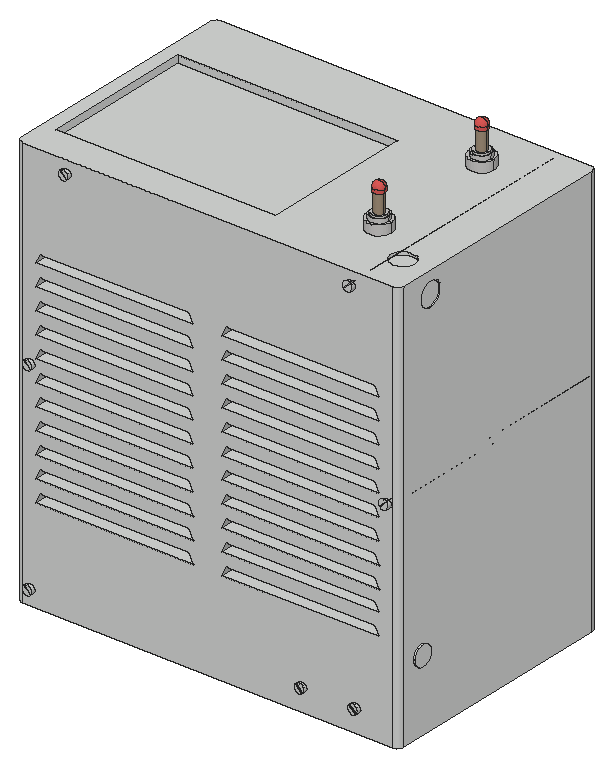
Revit family "Remote_Chiller-Murdock-A9100080-A_Series", category Mechanical Equipment, host Face, Revit 2021
Family settings
  Host = Face
  Round Connector Dimension = Use Diameter
  Part Type = Normal
  OmniClass Number = 23.65.35.11.11
  OmniClass Title = Storage Water Heaters
  Cut with Voids When Loaded = No
  Shared = Yes
  Room Calculation Point = No
Parameters (values of type "A9100080-A")
  cUPC Compliant = yes
  Width = 10 1/8"  # constant formula
  Voltage = 115 V  # constant formula
  URL = "https://www.murdockmfg.com/"
  Shipping Weight = 43 lbf
  Rated Watts = "390"  # constant formula
  Product Page URL = "https://www.murdockmfg.com/8-gph-remote-water-chiller"
  Product Documentation Link = "https://www.murdockmfg.com/uploads/fileLibrary/A910.8A.pdf?v=638902171661001586"
  Power = "120V (Standard U.S. electrical)"
  Model = "A9100080-A"
  Material = "Steel-Murdock-Galvanized"  # constant formula
  Manufacturer = "Murdock Mfg."  # constant formula
  Length = 15 5/8"  # constant formula
  Height = 19"  # constant formula
  Full Load Amps = 4.6 VA  # constant formula
  Finish = Steel-Murdock-Galvanized
  Description = "8 GPH Remote Chiller for Refrigerated Drinking Fountains"  # constant formula
  Default Elevation = 0"
  Connection Length = 1 3/4"  # constant formula
  Compliance Certifications = "ANSI/ASHRAE 18, IAPMO tested to NSF/ANSI 61, Section 9, UL Listed (US and Canada), Lead-Free Federal Law 111-380, CE complaint for 220 V electrical"  # constant formula
  Cold Water Connection Diameter = 3/8"  # constant formula
  Chiller Option = "8.0 GPH"  # constant formula
  Assembly Code = "D3030100"
  ADA Compliant = yes
  -SRC Shelf for remote chiller = no
  -LG1Accessory Louvered Grille = no
  -220V 220 volt / 50Hz compressor = no
  -LG Louvered grille - Granite Powder Coated = no
Types (3): name | Power | Model
  (no name) | "120V (Standard U.S. electrical)" | "A9100080-A"
  A9100080-A | "120V (Standard U.S. electrical)" | "A9100080-A"
  A9100080-220V-A | "220 volt / 50Hz compressor" | "A9100080-220V-A"
Reference planes (in)
  plane 1 "Center (Front/Back)": y = -1.5625
  plane 2: z = 0
  plane 3 "Center (Left/Right)": x = 0
  plane 4: y = 3.5
  plane 5: y = -6.625
  plane 6: z = 3.375
  plane 7: z = 17.25
  plane 8: z = 19
  plane 9: y = 5.0625
  plane 10: y = -5.0625
  plane 11: x = -7.8125
  plane 12: x = 7.8125
  plane 13: x = 4.8125
  plane 14: y = 2.9375
  plane 15: y = -2.3125
  plane 16: y = -3.4375
  plane 17: x = 6.6875
  plane 18: y = -5.1875
  plane 19: y = 5.1875
  plane 20: z = 16.375
Forms (in)
  Extrusion 1, solid, material "Steel-Murdock-Galvanized"
    sketch origin (7.125, -179.9375, 11) x (0, -1, 0) y (1, 0, 0)
      loop
        arc (-185, -14.6875) -> (-184.92678, -14.86428) -> (-184.75, -14.9375) r 0.25
        line (-184.75, -14.9375) -> (-175.125, -14.9375)
        arc (-175.125, -14.9375) -> (-174.94822, -14.86428) -> (-174.875, -14.6875) r 0.25
        line (-174.875, -14.6875) -> (-174.875, 0.4375)
        arc (-174.875, 0.4375) -> (-174.94822, 0.61428) -> (-175.125, 0.6875) r 0.25
        line (-175.125, 0.6875) -> (-184.75, 0.6875)
        arc (-184.75, 0.6875) -> (-184.92678, 0.61428) -> (-185, 0.4375) r 0.25
        line (-185, 0.4375) -> (-185, -14.6875)
    from -10.62447 to 6.25
  Extrusion 2, solid, material "Steel-Murdock-Galvanized"
    sketch origin (1.5, -18.6875, 13.625) x (-1, 0, 0) y (0, 0, -1)
      loop
        arc (7.45255, -3.23509) -> (7.449, -2.96966) -> (7.18411, -2.95249) r 0.19549
        line (7.18411, -2.95249) -> (7.45255, -3.23509)
      loop
        line (7.42669, -3.25709) -> (7.15479, -2.98521)
        arc (7.15479, -2.98521) -> (7.17589, -3.23601) -> (7.42669, -3.25709) r 0.19499
      loop
        arc (8.934, 4.24977) -> (8.93045, 4.5152) -> (8.66555, 4.53237) r 0.19549
        line (8.66555, 4.53237) -> (8.934, 4.24977)
      loop
        line (8.90814, 4.22777) -> (8.63624, 4.49965)
        arc (8.63624, 4.49965) -> (8.65734, 4.24885) -> (8.90814, 4.22777) r 0.19499
      loop
        arc (8.934, 12.49977) -> (8.93045, 12.7652) -> (8.66555, 12.78237) r 0.19549
        line (8.66555, 12.78237) -> (8.934, 12.49977)
      loop
        line (8.90814, 12.47777) -> (8.63624, 12.74965)
        arc (8.63624, 12.74965) -> (8.65734, 12.49885) -> (8.90814, 12.47777) r 0.19499
      loop
        arc (-2.19463, 12.20155) -> (-2.19818, 12.46698) -> (-2.46308, 12.48415) r 0.19549
        line (-2.46308, 12.48415) -> (-2.19463, 12.20155)
      loop
        line (-2.22049, 12.17955) -> (-2.49239, 12.45143)
        arc (-2.49239, 12.45143) -> (-2.47129, 12.20063) -> (-2.22049, 12.17955) r 0.19499
      loop
        arc (-4.38603, 12.20155) -> (-4.38958, 12.46698) -> (-4.65448, 12.48415) r 0.19549
        line (-4.65448, 12.48415) -> (-4.38603, 12.20155)
      loop
        line (-4.41189, 12.17955) -> (-4.68379, 12.45143)
        arc (-4.68379, 12.45143) -> (-4.66269, 12.20063) -> (-4.41189, 12.17955) r 0.19499
      loop
        line (-5.934, 4.24977) -> (-5.66555, 4.53237)
        arc (-5.66555, 4.53237) -> (-5.93045, 4.5152) -> (-5.934, 4.24977) r 0.19549
      loop
        arc (-5.90814, 4.22777) -> (-5.65734, 4.24885) -> (-5.63624, 4.49965) r 0.19499
        line (-5.63624, 4.49965) -> (-5.90814, 4.22777)
      loop
        line (-4.45255, -3.23509) -> (-4.18411, -2.95249)
        arc (-4.18411, -2.95249) -> (-4.449, -2.96966) -> (-4.45255, -3.23509) r 0.19549
      loop
        arc (-4.42669, -3.25709) -> (-4.17589, -3.23601) -> (-4.15479, -2.98521) r 0.19499
        line (-4.15479, -2.98521) -> (-4.42669, -3.25709)
    from -23.875 to -13.5
  Extrusion 3, solid, material "Steel-Murdock-Galvanized"
    sketch origin (0, 0, 0) x (0, 1, 0) y (0, 0, 1)
      loop
        circle (-3.9375, 3.375) r 0.39989
    from 7.4412 to 7.91884
  Extrusion 4, void
    sketch origin (0, -4.24075, 28.09747) x (1, 0, 0) y (0, 0, 1)
      loop
        line (-6.81961, -14.69087) -> (-7.03019, -15.08653) -> (-0.56931, -15.08653) -> (-0.77989, -14.69087) -> (-6.81961, -14.69087)
      loop
        line (-6.81961, -15.56886) -> (-7.03019, -15.96452) -> (-0.56931, -15.96452) -> (-0.77989, -15.56886) -> (-6.81961, -15.56886)
      loop
        line (-6.81961, -16.44685) -> (-7.03019, -16.84251) -> (-0.56931, -16.84251) -> (-0.77989, -16.44685) -> (-6.81961, -16.44685)
      loop
        line (-6.81961, -17.32484) -> (-7.03019, -17.7205) -> (-0.56931, -17.7205) -> (-0.77989, -17.32484) -> (-6.81961, -17.32484)
      loop
        line (-6.81961, -18.20283) -> (-7.03019, -18.59849) -> (-0.56931, -18.59849) -> (-0.77989, -18.20283) -> (-6.81961, -18.20283)
      loop
        line (-6.81961, -19.08082) -> (-7.03019, -19.47648) -> (-0.56931, -19.47648) -> (-0.77989, -19.08082) -> (-6.81961, -19.08082)
      loop
        line (-6.81961, -19.95881) -> (-7.03019, -20.35447) -> (-0.56931, -20.35447) -> (-0.77989, -19.95881) -> (-6.81961, -19.95881)
      loop
        line (-6.81961, -20.8368) -> (-7.03019, -21.23246) -> (-0.56931, -21.23246) -> (-0.77989, -20.8368) -> (-6.81961, -20.8368)
      loop
        line (-6.81961, -21.7148) -> (-7.03019, -22.11045) -> (-0.56931, -22.11045) -> (-0.77989, -21.7148) -> (-6.81961, -21.7148)
      loop
        line (-6.81961, -22.59279) -> (-7.03019, -22.98844) -> (-0.56931, -22.98844) -> (-0.77989, -22.59279) -> (-6.81961, -22.59279)
      loop
        line (-6.81961, -23.47078) -> (-7.03019, -23.86643) -> (-0.56931, -23.86643) -> (-0.77989, -23.47078) -> (-6.81961, -23.47078)
      loop
        line (6.81961, -14.69087) -> (0.77989, -14.69087) -> (0.56931, -15.08653) -> (7.03019, -15.08653) -> (6.81961, -14.69087)
      loop
        line (6.81961, -15.56886) -> (0.77989, -15.56886) -> (0.56931, -15.96452) -> (7.03019, -15.96452) -> (6.81961, -15.56886)
      loop
        line (6.81961, -16.44685) -> (0.77989, -16.44685) -> (0.56931, -16.84251) -> (7.03019, -16.84251) -> (6.81961, -16.44685)
      loop
        line (6.81961, -17.32484) -> (0.77989, -17.32484) -> (0.56931, -17.7205) -> (7.03019, -17.7205) -> (6.81961, -17.32484)
      loop
        line (6.81961, -18.20283) -> (0.77989, -18.20283) -> (0.56931, -18.59849) -> (7.03019, -18.59849) -> (6.81961, -18.20283)
      loop
        line (6.81961, -19.08082) -> (0.77989, -19.08082) -> (0.56931, -19.47648) -> (7.03019, -19.47648) -> (6.81961, -19.08082)
      loop
        line (6.81961, -19.95881) -> (0.77989, -19.95881) -> (0.56931, -20.35447) -> (7.03019, -20.35447) -> (6.81961, -19.95881)
      loop
        line (6.81961, -20.8368) -> (0.77989, -20.8368) -> (0.56931, -21.23246) -> (7.03019, -21.23246) -> (6.81961, -20.8368)
      loop
        line (6.81961, -21.7148) -> (0.77989, -21.7148) -> (0.56931, -22.11045) -> (7.03019, -22.11045) -> (6.81961, -21.7148)
      loop
        line (6.81961, -22.59279) -> (0.77989, -22.59279) -> (0.56931, -22.98844) -> (7.03019, -22.98844) -> (6.81961, -22.59279)
      loop
        line (6.81961, -23.47078) -> (0.77989, -23.47078) -> (0.56931, -23.86643) -> (7.03019, -23.86643) -> (6.81961, -23.47078)
    from 0 to 0.94675
  Extrusion 5, void
    sketch origin (7.125, -180, 11) x (0, -1, 0) y (1, 0, 0)
      loop
        line (-182.48819, -14.39316) -> (-176.23819, -14.39316) -> (-176.23819, -5.39316) -> (-182.48819, -5.39316) -> (-182.48819, -14.39316)
    from 5.94457 to 8
  Extrusion 6, void
    sketch origin (7.125, -180, 11) x (0, -1, 0) y (1, 0, 0)
      loop
        circle (-176.5625, -0.4375) r 0.5
    from 6.14233 to 6.5
  Revolve 7, solid, material "Steel-Murdock-Galvanized"
    sketch origin (-13.6875, 4.125, 13.625) x (1, 0, 0) y (0, 0, -1)
      loop
        line (7.125, 13.24947) -> (7.58359, 13.24947) -> (7.44691, 13.625) -> (7.125, 13.625) -> (7.125, 13.24947)
      axis (7.125, 13.625) -> (7.125, 13.24947)
    angle from 0 to 360
  Revolve 8, solid, material "Steel-Murdock-Galvanized"
    sketch origin (13.6875, 4.125, 13.625) x (-1, 0, 0) y (0, 0, 1)
      loop
        line (7.125, -13.24947) -> (7.125, -13.625) -> (7.44691, -13.625) -> (7.58359, -13.24947) -> (7.125, -13.24947)
      axis (7.125, -13.625) -> (7.125, -13.24947)
    angle from 0 to 360
  Revolve 9, solid, material "Stainless Steel-Murdock-Brushed Satin"
    sketch origin (1.5, 2.9375, 13.625) x (-1, 0, 0) y (0, 0, -1)
      loop
        line (-3.3125, -3.625) -> (-3.8125, -3.625) -> (-3.8125, -4.00711) -> (-3.69642, -4.00711) -> (-3.69642, -4.16012) -> (-3.62993, -4.16012) -> (-3.62993, -4.2175) -> (-3.50788, -4.2175) -> (-3.50788, -5.00433) -> (-3.54621, -5.00433) -> (-3.54621, -5.14288)
        arc (-3.54621, -5.14288) -> (-3.47776, -5.30814) -> (-3.3125, -5.37659) r 0.23371
        line (-3.3125, -5.37659) -> (-3.3125, -3.625)
      axis (-3.3125, -5.37659) -> (-3.3125, -3.625)
    angle from 0 to 360
  Revolve 10, solid, material "Steel-Murdock-Galvanized"
    sketch origin (-13.6875, -4.125, 13.625) x (1, 0, 0) y (0, 0, 1)
      loop
        line (7.125, -13.24947) -> (7.125, -13.625) -> (7.44691, -13.625) -> (7.58359, -13.24947) -> (7.125, -13.24947)
      axis (7.125, -13.625) -> (7.125, -13.24947)
    angle from 0 to 360
  Revolve 11, solid, material "Steel-Murdock-Galvanized"
    sketch origin (13.6875, -4.125, 13.625) x (-1, 0, 0) y (0, 0, -1)
      loop
        line (7.125, 13.24947) -> (7.58359, 13.24947) -> (7.44691, 13.625) -> (7.125, 13.625) -> (7.125, 13.24947)
      axis (7.125, 13.625) -> (7.125, 13.24947)
    angle from 0 to 360
  Revolve 12, solid, material "Stainless Steel-Murdock-Brushed Satin"
    sketch origin (1.5, -2.3125, 13.625) x (-1, 0, 0) y (0, 0, -1)
      loop
        line (-3.3125, -3.625) -> (-3.8125, -3.625) -> (-3.8125, -4.00711) -> (-3.69642, -4.00711) -> (-3.69642, -4.16012) -> (-3.62993, -4.16012) -> (-3.62993, -4.2175) -> (-3.50788, -4.2175) -> (-3.50788, -5.00433) -> (-3.54621, -5.00433) -> (-3.54621, -5.14288)
        arc (-3.54621, -5.14288) -> (-3.47776, -5.30814) -> (-3.3125, -5.37659) r 0.23371
        line (-3.3125, -5.37659) -> (-3.3125, -3.625)
      axis (-3.3125, -5.37659) -> (-3.3125, -3.625)
    angle from 0 to 360
  Extrusion 13, void
    sketch origin (14.02107, -180, 15.9375) x (0, 0, -1) y (0, -1, 0)
      loop
        circle (-0.4375, -176.5625) r 0.5
    from 5.93892 to 6.28924
Cuts and joins
  Extrusion 4, Extrusion 5, Extrusion 6, Extrusion 13 cuts Extrusion 1
  Extrusion 4 cuts Extrusion 2
Lines and regions (in)
  Masking region 1
    outline origin (7.125, -180, 11) x (0, -1, 0) y (1, 0, 0)
      loop
        line (-185.0625, 0.4375) -> (-185.0625, -14.6875)
        arc (-185.0625, -14.6875) -> (-184.98928, -14.86428) -> (-184.8125, -14.9375) r 0.25
        line (-184.8125, -14.9375) -> (-175.1875, -14.9375)
        arc (-175.1875, -14.9375) -> (-175.01072, -14.86428) -> (-174.9375, -14.6875) r 0.25
        line (-174.9375, -14.6875) -> (-174.9375, 0.4375)
        arc (-174.9375, 0.4375) -> (-175.01072, 0.61428) -> (-175.1875, 0.6875) r 0.25
        line (-175.1875, 0.6875) -> (-184.8125, 0.6875)
        arc (-184.8125, 0.6875) -> (-184.98928, 0.61428) -> (-185.0625, 0.4375) r 0.25
  symbolic lines, detail levels medium+fine
    curve 1: line (-7.26816, 2.48819, 11) -> (1.73184, 2.48819, 11)
    curve 2: line (1.73184, 2.48819, 11) -> (1.73184, -3.76181, 11)
    curve 3: line (1.73184, -3.76181, 11) -> (-7.26816, -3.76181, 11)
    curve 4: line (-7.26816, -3.76181, 11) -> (-7.26816, 2.48819, 11)
    curve 5: circle (4.8125, 2.9375, 11) r 0.5 normal (0, 0, 1)
    curve 6: circle (4.8125, 2.9375, 11) r 0.19538 normal (0, 0, 1)
    curve 9: circle (4.8125, -2.3125, 11) r 0.5 normal (0, 0, 1)
    curve 10: circle (4.8125, -2.3125, 11) r 0.19538 normal (0, 0, 1)
  symbolic lines, detail levels fine
    curve 7: circle (4.8125, 2.9375, 11) r 0.31743 normal (0, 0, 1)
    curve 8: circle (4.8125, 2.9375, 11) r 0.38392 normal (0, 0, 1)
    curve 11: circle (4.8125, -2.3125, 11) r 0.31743 normal (0, 0, 1)
    curve 12: circle (4.8125, -2.3125, 11) r 0.38392 normal (0, 0, 1)
Dimensions and locks (in)
  equal spacing: plane 4, plane 1 "Center (Front/Back)", plane 5
  "Width": plane 4 to plane 5
  plane 6 to level = 3 3/8"
  plane 7 to level = 17 1/4"
  plane 8 to level = 19"
  locked: plane 10 to plane 9 at 10.125
  equal spacing: plane 11, plane 3 "Center (Left/Right)", plane 12
  plane 11 to plane 12 = 15 5/8"
  plane 13 to plane 12 = 3"
  locked: plane 9 to plane 14 at 2.125
  locked: plane 14 to plane 15 at 5.25
  locked: plane 15 to plane 16 at 1.125
  locked: plane 17 to plane 12 at 1.125
  plane 18 to plane 10 = 1/8"
  locked: plane 19 to plane 9 at 0.125
  plane 7 to plane 20 = 7/8"
  plane 8 to plane 7 = 1 3/4"
  aligned and locked: plane 2 to host face
  aligned and locked: level to host face
  aligned and locked: plane 9 to Extrusion 1 sketch curve
  aligned and locked: plane 11 to Extrusion 1 sketch curve
  aligned and locked: plane 12 to Extrusion 1 sketch curve
  aligned and locked: plane 8 to Extrusion 5
  aligned and locked: Extrusion 4 to plane 18
  aligned and locked: Extrusion 2 to plane 19
  aligned and locked: Extrusion 2 to Extrusion 4
Automatic sketch dimensions
  host sketch curve to host sketch curve = 96"  (x2)
  plane 10 to Extrusion 1 sketch curve = 0"
  Extrusion 1 sketch curve to plane 9 = 1/4"  (x2)
  Extrusion 1 sketch curve to Extrusion 1 sketch curve = 1/4"
  Extrusion 1 sketch curve to plane 10 = 1/4"
  plane 12 to Extrusion 2 sketch curve = 0.3785"
  Extrusion 2 sketch curve to Extrusion 2 sketch curve = 0.02586"  (x7)
  Extrusion 2 sketch curve to Extrusion 2 sketch curve = 0.11292"  (x2)
  Extrusion 2 sketch curve to Extrusion 2 sketch curve = 0.0065"  (x7)
  Extrusion 2 sketch curve to Extrusion 2 sketch curve = 0.12966"  (x2)
  Extrusion 2 sketch curve to Extrusion 2 sketch curve = 0.02931"  (x7)
  Extrusion 2 sketch curve to plane 17 = 0.50371"
  Extrusion 2 sketch curve to Extrusion 2 sketch curve = 0.15247"  (x5)
  Extrusion 2 sketch curve to plane 17 = 0.73495"
  Extrusion 2 sketch curve to plane 7 = 0.36791"  (x2)
  Extrusion 2 sketch curve to Extrusion 2 sketch curve = 0.11942"  (x5)
  plane 20 to Extrusion 2 sketch curve = 0.20249"  (x2)
  plane 20 to Extrusion 2 sketch curve = 0.23521"  (x2)
  Extrusion 2 sketch curve to plane 13 = 0.82011"
  plane 11 to Extrusion 2 sketch curve = 2.15771"
  Extrusion 2 sketch curve to plane 7 = 0.38991"
  plane 11 to Extrusion 2 sketch curve = 0.67626"  (x2)
  Extrusion 2 sketch curve to Extrusion 2 sketch curve = 0.022"  (x6)
  plane 6 to Extrusion 2 sketch curve = 6.02223"  (x2)
  Extrusion 2 sketch curve to Extrusion 2 sketch curve = 0.15279"  (x5)
  Extrusion 2 sketch curve to Extrusion 2 sketch curve = 0.00617"  (x5)
  level to Extrusion 2 sketch curve = 1.44545"  (x2)
  level to Extrusion 2 sketch curve = 1.14723"
  Extrusion 3 sketch curve to plane 6 = 0"
  Extrusion 3 sketch curve to plane 16 = 1/2"
  plane 11 to Extrusion 4 sketch curve = 0.78231"  (x11)
  Extrusion 4 sketch curve to Extrusion 4 sketch curve = 0.21058"  (x33)
  plane 6 to Extrusion 4 sketch curve = 1.2517"  (x2)
  Extrusion 4 sketch curve to plane 3 "Center (Left/Right)" = 0.77989"  (x11)
  plane 3 "Center (Left/Right)" to Extrusion 4 sketch curve = 0.56931"  (x11)
  plane 17 to Extrusion 4 sketch curve = 0.13211"  (x11)
  plane 17 to Extrusion 4 sketch curve = 0.34269"  (x11)
  plane 6 to Extrusion 4 sketch curve = 0.85604"  (x2)
  plane 6 to Extrusion 4 sketch curve = 1.73403"  (x2)
  Extrusion 4 sketch curve to Extrusion 4 sketch curve = 0.39566"  (x20)
  Extrusion 4 sketch curve to Extrusion 4 sketch curve = 0.48233"  (x18)
  Extrusion 5 sketch curve to plane 14 = 0.44931"
  Extrusion 5 sketch curve to plane 16 = 0.32431"
  plane 11 to Extrusion 5 sketch curve = 0.54434"
  plane 3 "Center (Left/Right)" to Extrusion 5 sketch curve = 1.73184"
  Extrusion 6 sketch curve to plane 16 = 0"
  Extrusion 6 sketch curve to plane 17 = 0"
  Revolve 7 sketch curve to level = 0"
  level to Revolve 7 sketch curve = 0.37553"
  plane 11 to Revolve 7 sketch curve = 1 1/4"
  Revolve 7 sketch curve to Revolve 7 sketch curve = 0.32191"
  Revolve 7 sketch curve to Revolve 7 sketch curve = 0.13668"
  Revolve 7 sketch curve to Revolve 7 sketch curve = 0"
  Revolve 7 sketch curve to Revolve 7 sketch curve = 0.12096"
  Revolve 7 sketch curve to Revolve 7 sketch curve = 0.05618"
  Revolve 8 sketch curve to level = 0"
  Revolve 8 sketch curve to plane 17 = 1/8"
  Revolve 8 sketch curve to Revolve 8 sketch curve = 0.32191"
  Revolve 8 sketch curve to Revolve 8 sketch curve = 0.13668"
  level to Revolve 8 sketch curve = 0.37553"
  Revolve 8 sketch curve to Revolve 8 sketch curve = 0"
  Revolve 8 sketch curve to Revolve 8 sketch curve = 0.05618"
  Revolve 8 sketch curve to Revolve 8 sketch curve = 0.12096"
  Revolve 10 sketch curve to level = 0"
  level to Revolve 10 sketch curve = 0.37553"
  plane 11 to Revolve 10 sketch curve = 1 1/4"
  Revolve 10 sketch curve to Revolve 10 sketch curve = 0.32191"
  Revolve 10 sketch curve to Revolve 10 sketch curve = 0.13668"
  Revolve 10 sketch curve to Revolve 10 sketch curve = 0"
  Revolve 10 sketch curve to Revolve 10 sketch curve = 0.05618"
  Revolve 10 sketch curve to Revolve 10 sketch curve = 0.12096"
  Revolve 11 sketch curve to level = 0"
  Revolve 11 sketch curve to plane 17 = 1/8"
  Revolve 11 sketch curve to Revolve 11 sketch curve = 0.32191"
  Revolve 11 sketch curve to Revolve 11 sketch curve = 0.13668"
  level to Revolve 11 sketch curve = 0.37553"
  Revolve 11 sketch curve to Revolve 11 sketch curve = 0"
  Revolve 11 sketch curve to Revolve 11 sketch curve = 0.05618"
  Revolve 11 sketch curve to Revolve 11 sketch curve = 0.12096"
  Extrusion 13 sketch curve to plane 16 = 0"
  Extrusion 13 sketch curve to plane 20 = 0"
  Masking region 1 sketch curve to plane 9 = 0"
  Masking region 1 sketch curve to plane 11 = 0"
  Masking region 1 sketch curve to plane 12 = 0"
  plane 10 to Masking region 1 sketch curve = 0"
  Masking region 1 sketch curve to plane 9 = 1/4"  (x2)
  Masking region 1 sketch curve to plane 10 = 1/4"  (x2)
  curve 5 to curve 6 = 0"  (x2)
  curve 5 to curve 7 = 0"  (x2)
  curve 5 to curve 8 = 0"  (x2)
  curve 6 to curve 7 = 0"  (x2)
  curve 6 to curve 8 = 0"  (x2)
  curve 7 to curve 8 = 0"  (x2)
  curve 9 to curve 10 = 0"  (x2)
  curve 9 to curve 11 = 0"  (x2)
  curve 9 to curve 12 = 0"  (x2)
  curve 10 to curve 11 = 0"  (x2)
  curve 10 to curve 12 = 0"  (x2)
  curve 11 to curve 12 = 0"  (x2)
  curve 6 to plane 13 = 0"
  curve 6 to plane 14 = 0"
  curve 11 to plane 13 = 0"
  curve 11 to plane 15 = 0"
  curve 2 to plane 14 = 0.44931"
  curve 2 to plane 16 = 0.32431"
  plane 3 "Center (Left/Right)" to curve 1 = 1.73184"
  plane 11 to curve 1 = 0.54434"
  Revolve 9 sketch curve to plane 7 = 0"
  Revolve 9 sketch curve to plane 13 = 0"  (x2)
  plane 13 to Revolve 9 sketch curve = 0.19538"
  Revolve 9 sketch curve to Revolve 9 sketch curve = 0.03833"
  Revolve 9 sketch curve to Revolve 9 sketch curve = 0.12205"
  Revolve 9 sketch curve to Revolve 9 sketch curve = 0.06649"
  Revolve 9 sketch curve to Revolve 9 sketch curve = 0.11608"
  plane 7 to Revolve 9 sketch curve = 0.38211"
  Revolve 9 sketch curve to Revolve 9 sketch curve = 0.15301"
  Revolve 9 sketch curve to Revolve 9 sketch curve = 0.05738"
  Revolve 9 sketch curve to plane 8 = 0.37067"
  Revolve 9 sketch curve to Revolve 9 sketch curve = 0.13855"
  Revolve 9 sketch curve to Revolve 9 sketch curve = 1.49841"
  plane 20 to Revolve 9 sketch curve = 3/8"
  Revolve 12 sketch curve to plane 7 = 0"
  Revolve 12 sketch curve to plane 13 = 0"  (x2)
  plane 13 to Revolve 12 sketch curve = 0.19538"
  Revolve 12 sketch curve to Revolve 12 sketch curve = 0.03833"
  Revolve 12 sketch curve to Revolve 12 sketch curve = 0.12205"
  Revolve 12 sketch curve to Revolve 12 sketch curve = 0.06649"
  Revolve 12 sketch curve to Revolve 12 sketch curve = 0.11608"
  plane 7 to Revolve 12 sketch curve = 0.38211"
  Revolve 12 sketch curve to Revolve 12 sketch curve = 0.15301"
  Revolve 12 sketch curve to Revolve 12 sketch curve = 0.05738"
  Revolve 12 sketch curve to plane 8 = 0.37067"
  Revolve 12 sketch curve to Revolve 12 sketch curve = 0.13855"
  Revolve 12 sketch curve to Revolve 12 sketch curve = 1.49841"
  plane 20 to Revolve 12 sketch curve = 3/8"
  radius of Extrusion 3 sketch curve = 0.39989"
  radius of Extrusion 6 sketch curve = 1/2"
  radius of Extrusion 13 sketch curve = 1/2"
  radius of curve 5 = 1/2"
  radius of curve 6 = 0.19538"
  radius of curve 7 = 0.31743"
  radius of curve 8 = 0.38392"
  radius of curve 9 = 1/2"
  radius of curve 10 = 0.19538"
  radius of curve 11 = 0.31743"
  radius of curve 12 = 0.38392"
Connectors (in)
  piping at (4.8125, 2.9375, 17.25), diameter 0.375, driven by "Cold Water Connection Diameter"
    settings: on Revolve 9, index 1, connector inside diameter 24", connector length 0", flow factor 0, pipe flow 0 GPM, pressure drop 0.00 psi, fitting loss kfactor 0, connector angle 0.00°, fixture units 0, engagement length 0", angle of deflection 0.00°, flow configuration 0, flow direction 1, fitting loss method 0, system type 29, joint type 0, gender type 0, connector reference index -1, connector utility 0, adjustable connector no, is connector primary yes, connector description "3/8\" OD Copper Tubing Water Inlet"
  piping at (4.8125, -2.3125, 17.25), diameter 0.375, driven by "Cold Water Connection Diameter"
    settings: on Revolve 12, index 2, connector inside diameter 24", connector length 0", flow factor 0, pipe flow 0 GPM, pressure drop 0.00 psi, fitting loss kfactor 0, connector angle 0.00°, fixture units 0, engagement length 0", angle of deflection 0.00°, flow configuration 0, flow direction 2, fitting loss method 0, system type 29, joint type 0, gender type 0, connector reference index -1, connector utility 0, adjustable connector no, is connector primary no, connector description "3/8\" OD Copper Tubing Water Outlet"
  electrical at (7.73184, -3.4375, 16.375)
    settings: on cut or joined group of Extrusion 1, Extrusion 4, Extrusion 5, Extrusion 6, Extrusion 13, index 3, voltage 0 V, apparent load 0 VA, apparent load phase1 0 VA, apparent load phase2 0 VA, apparent load phase3 0 VA, power factor 1, load classification "Other", number of poles 1, system type 31, power factor state 1, is connector primary yes, connector utility no, sub classification motor no, connector description "Electrical Connection"
